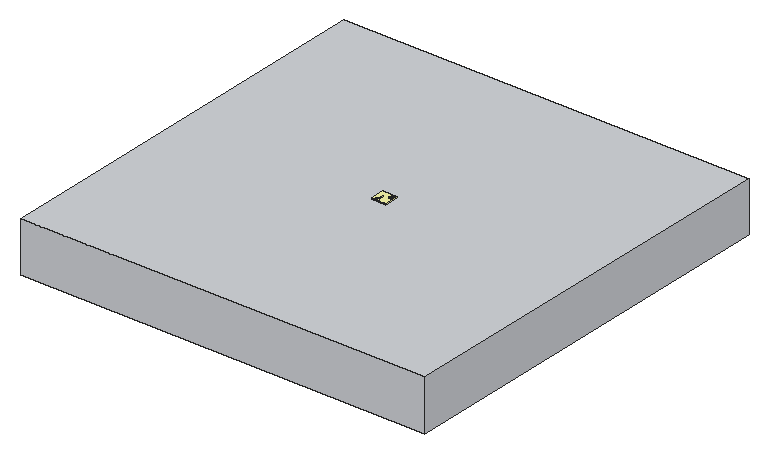
Revit family "EP_Single Socket with Switch", category Electrical Fixtures, host Face, Revit 2013
Parameters
  Voltage = 230 V
  Load Classification = Single Socket
  Load = 200 W
  Face Plate = Face Plate
  Default Elevation = 1200 mm
Reference planes
  plane 1 "Center (Front/Back)": y = 0
  plane 2: z = 0
  plane 3 "Center (Left/Right)": x = 0
  plane 4: x = -43
  plane 5: x = 43
  plane 6: y = 43
  plane 7: y = -43
  plane 8 "Switch": z = 8
Forms (mm)
  Extrusion 1, solid
    sketch origin (0, 0, 0) x (1, 0, 0) y (0, 1, 0)
      loop
        line (-1219.2, 1219.2) -> (-1219.2, -1219.2) -> (1219.2, -1219.2) -> (1219.2, 1219.2) -> (-1219.2, 1219.2)
    from 0 to -304.8
  Extrusion 2, solid, material "Face Plate" <- "Face Plate"
    sketch origin (0, 0, 0) x (1, 0, 0) y (0, 1, 0)
      loop
        line (-43, -43) -> (43, -43) -> (43, 43) -> (-43, 43) -> (-43, -43)
    from 0 to 8
  Extrusion 3, void
    sketch origin (0, 0, 0) x (1, 0, 0) y (0, 1, 0)
      loop
        line (-27, -29) -> (-15, -29) -> (-15, -24.618) -> (-27, -24.618) -> (-27, -29)
    from 0 to 8
  Extrusion 4, void
    sketch origin (-20, 0, 0) x (-1, 0, 0) y (0, -1, 0)
      loop
        line (-27, 29) -> (-27, 24.618) -> (-15, 24.618) -> (-15, 29) -> (-27, 29)
    from 0 to 8
  Extrusion 5, void
    sketch origin (0, 0, 0) x (1, 0, 0) y (0, 1, 0)
      loop
        line (-12, -11) -> (-8, -11) -> (-8, 0.984) -> (-12, 0.984) -> (-12, -11)
    from 0 to 8
  Extrusion 6, solid, material "Face Plate" <- "Face Plate"
    sketch origin (0, 39.084, 0) x (0, -1, 0) y (0, 0, -1)
      loop
        line (6.07, -8) -> (27.984, -13.464) -> (27.984, -8) -> (6.07, -8)
    from 20 to 33
  Extrusion 7, void
    sketch origin (0, 0, 0) x (1, 0, 0) y (0, 1, 0)
      loop
        line (20, 11.1) -> (33, 11.1) -> (33, 33.014) -> (20, 33.014) -> (20, 11.1)
      loop
        line (18, 35.014) -> (18, 9.1) -> (35, 9.1) -> (35, 35.014) -> (18, 35.014)
    from 7.5 to 8
Cuts and joins
  Extrusion 3, Extrusion 4, Extrusion 5, Extrusion 7 cuts Extrusion 2
Lines and regions (mm)
  model lines
    curve 1: line (-15, -15, 8) -> (-15, 5, 8)
    curve 2: line (-15, 5, 8) -> (-5, 5, 8)
    curve 3: line (-5, 5, 8) -> (-5, -15, 8)
    curve 4: line (-5, -15, 8) -> (-15, -15, 8)
    curve 5: line (-33, -33, 8) -> (-33, -21, 8)
    curve 6: line (-33, -21, 8) -> (13, -21, 8)
    curve 7: line (13, -21, 8) -> (13, -33, 8)
    curve 8: line (13, -33, 8) -> (-33, -33, 8)
Dimensions and locks
  plane 4 to plane 3 "Center (Left/Right)" to plane 5 = 43 mm, 43 mm
  aligned and locked: plane 2 to Extrusion 1
  aligned and locked: level to Extrusion 1
Nested families
  nested 1: "EP_SSS" at (0, 0, 0), type "EP_SSS"
Connectors
  electrical at (0, 0, 0), driven by "Voltage", driven by "Load", driven by "Load Classification"
    settings: on cut or joined group of Extrusion 2, Extrusion 3, Extrusion 4, Extrusion 5, Extrusion 7, index 1, voltage 230 V, apparent load 0 W, apparent load phase1 200 W, apparent load phase2 0 W, apparent load phase3 0 W, power factor 1, load classification "Single Socket", number of poles 1, system type 31, power factor state 1, is connector primary yes, connector utility no, sub classification motor no, connector description ""
Definition of nested family "EP_SSS"
  Reference planes
    plane 1: y = 0
    plane 2: x = 0
  Lines and regions (mm)
    detail lines, style "Power Symbols"
      curve 1: line (-1.494, 0, 0) -> (1.506, 0, 0)
      curve 2: arc (1.506, 0, 0) -> (0.006, 1.5, 0) -> (-1.494, 0, 0) r 1.5
      curve 3: line (0, 1.5, 0) -> (0, 2.75, 0)
      curve 4: line (-0.5, 2.235, 0) -> (0.5, 2.235, 0)
